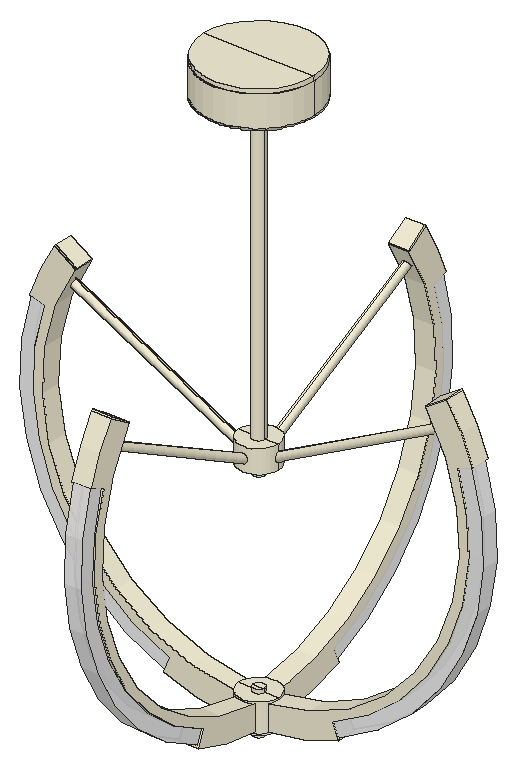
Revit family "3-6141 Utopia Pendant", category Lighting Fixtures, host Ceiling, Revit 2018
Family settings
  Host = Ceiling
  Round Connector Dimension = Use Diameter
  Part Type = Normal
  OmniClass Number = 23.80.70.11
  OmniClass Title = Luminaries for Internal Lighting
  Always vertical = Yes
  Cut with Voids When Loaded = No
  Light Source = Yes
  Shared = No
  Room Calculation Point = No
Parameters (values of type "3-6141-24 / Satin Nickel - Matte White Acrylic")
  Wattage Comments = "4 x 13.5 W at 120 V"  # constant formula
  Wattage = 63.05 W
  built-in parameter 1150110 = 1 (stored number, unit not read)
  Voltage Input = "120 V or 277 V - 50/60 Hz"  # constant formula
  Voltage = 120 V
  URL = "www.oxygenlighting.com"
  built-in parameter 1114217 = 1 (stored number, unit not read)
  Tilt Angle = 90.00°  # constant formula
  built-in parameter 1150109 = 1 (stored number, unit not read)
  built-in parameter 1150134 = (empty or 0)
  built-in parameter 1150113 = 1 (stored number, unit not read)
  References = "Ref. 3 = 120 V / Ref. 37 = 277 V"  # constant formula
  Photometric Web File = "3-6141-24 Utopia Pendant.ies"
  Model = "3-6141-xx / Utopia Pendant"  # constant formula
  Metal Finish = 24 - Satin Nickel
  Manufacturer = "Oxygen - Lighting & Fans"  # constant formula
  Lumens = 2402.21 lm
  built-in parameter 1150115 = 1 (stored number, unit not read)
  built-in parameter 1150105 = 191.16 (stored number, unit not read)
  built-in parameter 1150137 = (empty or 0)
  built-in parameter 1150139 = (empty or 0)
  built-in parameter 1150112 = 1 (stored number, unit not read)
  built-in parameter 1150114 = 1 (stored number, unit not read)
  Lamp = "LED Array"  # constant formula
  built-in parameter 1150132 = (empty or 0)
  built-in parameter 1150102 = (empty or 0)
  built-in parameter 1150138 = (empty or 0)
  built-in parameter 1150107 = 3000 (stored number, unit not read)
  built-in parameter 1150106 = 1.9116 (stored number, unit not read)
  built-in parameter 1150104 = 3.5396 (stored number, unit not read)
  Dimming Lamp Color Temperature Shift = <None>
  Diffusers = Matte White Acrylic
  Color Filter = 16777215
  built-in parameter 1114218 = 1 (stored number, unit not read)
  built-in parameter 1150133 = 10 (stored number, unit not read)
Types (3): name | Metal Finish
  (no name) | 24 - Satin Nickel
  3-6141-24 / Satin Nickel - Matte White Acrylic | 24 - Satin Nickel
  3-6141-15 / Black - Matte White Acrylic | 15 - Black
Reference planes (in)
  plane 1 "Light Source Axis (F/B)": y = 0
  plane 2 "Ceiling": z = 96
  plane 3 "Light Source Axis (L/R)": x = 0
  plane 4 "Light Source Elevation": z = 64.1
  plane 5: z = 93.79528
  plane 6: z = 93.59843
Forms (in)
  Extrusion 1, solid, material "24 - Satin Nickel" <- "Metal Finish"
    sketch origin (0, 0, 0) x (1, 0, 0) y (0, 1, 0)
      loop
        line (0, 0.62961) -> (-0.05867, 0.59573) -> (-0.12283, 0.61751) -> (-0.17377, 0.57284) -> (-0.24094, 0.58168) -> (-0.28218, 0.52793) -> (-0.34979, 0.5235) -> (-0.37976, 0.46273) -> (-0.4452, 0.4452) -> (-0.46273, 0.37976) -> (-0.5235, 0.34979) -> (-0.52793, 0.28218) -> (-0.58168, 0.24094) -> (-0.57284, 0.17377) -> (-0.61751, 0.12283) -> (-0.59573, 0.05867) -> (-0.62961, 0) -> (-0.59573, -0.05867) -> (-0.61751, -0.12283) -> (-0.57284, -0.17377) -> (-0.58168, -0.24094) -> (-0.52793, -0.28218) -> (-0.5235, -0.34979) -> (-0.46273, -0.37976) -> (-0.4452, -0.4452) -> (-0.37976, -0.46273) -> (-0.34979, -0.5235) -> (-0.28218, -0.52793) -> (-0.24094, -0.58168) -> (-0.17377, -0.57284) -> (-0.12283, -0.61751) -> (-0.05867, -0.59573) -> (0, -0.62961) -> (0.05867, -0.59573) -> (0.12283, -0.61751) -> (0.17377, -0.57284) -> (0.24094, -0.58168) -> (0.28218, -0.52793) -> (0.34979, -0.5235) -> (0.37976, -0.46273) -> (0.4452, -0.4452) -> (0.46273, -0.37976) -> (0.5235, -0.34979) -> (0.52793, -0.28218) -> (0.58168, -0.24094) -> (0.57284, -0.17377) -> (0.61751, -0.12283) -> (0.59573, -0.05867) -> (0.62961, 0) -> (0.59573, 0.05867) -> (0.61751, 0.12283) -> (0.57284, 0.17377) -> (0.58168, 0.24094) -> (0.52793, 0.28218) -> (0.5235, 0.34979) -> (0.46273, 0.37976) -> (0.4452, 0.4452) -> (0.37976, 0.46273) -> (0.34979, 0.5235) -> (0.28218, 0.52793) -> (0.24094, 0.58168) -> (0.17377, 0.57284) -> (0.12283, 0.61751) -> (0.05867, 0.59573) -> (0, 0.62961)
    from 93.59843 to 93.79528
  Revolve 2, solid, material "24 - Satin Nickel" <- "Metal Finish"
    sketch origin (0, 0, 0) x (1, 0, 0) y (0, 0, 1)
      loop
        line (3.2874, 96) -> (0, 96) -> (0, 93.79528) -> (3.22835, 93.79528)
        arc (3.22835, 93.79528) -> (3.31186, 93.82987) -> (3.34646, 93.91339) r 0.11811
        line (3.34646, 93.91339) -> (3.34646, 95.76378) -> (3.2874, 95.76378) -> (3.2874, 96)
      loop
        line (0.47244, 93.55906) -> (0.47244, 93.59843) -> (0, 93.59843) -> (0, 75.50983) -> (0.37402, 75.50983) -> (0.37402, 92.73976) -> (0.34053, 92.73976) -> (0.34053, 92.77165) -> (0.37402, 92.77165) -> (0.37402, 92.85039) -> (0.31496, 92.85039) -> (0.31496, 92.92913) -> (0.20669, 92.92913) -> (0.20669, 92.98819)
        arc (0.20669, 92.98819) -> (0.25783, 93.03293) -> (0.29948, 93.08661) r 0.35433
        line (0.29948, 93.08661) -> (0.43307, 93.08661) -> (0.43307, 93.51969) -> (0.47244, 93.55906)
      axis (0, 96) -> (0, 75.50983)
    angle from 0 to 360
  Revolve 3, solid, material "24 - Satin Nickel" <- "Metal Finish"
    sketch origin (0, 0, 0) x (1, 0, 0) y (0, 0, 1)
      loop
        line (0, 75.50983) -> (0, 73.54133) -> (0.33465, 73.54133) -> (0.33465, 74.13188) -> (1.1811, 74.13188) -> (1.1811, 75.50983) -> (0, 75.50983)
      axis (0, 75.50983) -> (0, 73.54133)
    angle from 0 to 360
  Revolve 4, solid, material "24 - Satin Nickel" <- "Metal Finish"
    sketch origin (0, 0, 0) x (1, 0, 0) y (0, 0, 1)
      loop
        line (0, 59.5474) -> (0.33465, 59.5474) -> (0.33465, 60.13795) -> (1.1811, 60.13795) -> (1.1811, 60.21669) -> (0, 60.21669) -> (0, 59.5474)
      axis (0, 60.21669) -> (0, 59.5474)
    angle from 0 to 360
  Revolve 5, solid, material "24 - Satin Nickel" <- "Metal Finish"
    sketch origin (0, 0, 0) x (1, 0, 0) y (0, 0, 1)
      loop
        line (0, 60.21669) -> (1.1811, 60.21669) -> (1.1811, 61.9096) -> (0.33465, 61.9096) -> (0.33465, 62.09804) -> (0, 62.09804) -> (0, 60.21669)
      axis (0, 62.09804) -> (0, 60.21669)
    angle from 0 to 360
  Revolve 6, solid, material "24 - Satin Nickel" <- "Metal Finish"
    sketch origin (0, 0, 0) x (1, 0, 0) y (0, 0, 1)
      loop
        line (-0.89071, 74.97738) -> (-11.03034, 80.14378) -> (-11.13758, 79.9333) -> (-0.99796, 74.76691) -> (-0.89071, 74.97738)
      axis (-0.99796, 74.76691) -> (-11.13758, 79.9333)
    angle from 0 to 360
  Revolve 7, solid, material "24 - Satin Nickel" <- "Metal Finish"
    sketch origin (0, 0, 0) x (-1, 0, 0) y (0, 0, 1)
      loop
        line (-0.89071, 74.97738) -> (-11.03034, 80.14378) -> (-11.13758, 79.9333) -> (-0.99796, 74.76691) -> (-0.89071, 74.97738)
      axis (-0.99796, 74.76691) -> (-11.13758, 79.9333)
    angle from 0 to 360
  Revolve 8, solid, material "24 - Satin Nickel" <- "Metal Finish"
    sketch origin (0, 0, 0) x (0, 1, 0) y (0, 0, 1)
      loop
        line (-0.89071, 74.97738) -> (-11.03034, 80.14378) -> (-11.13758, 79.9333) -> (-0.99796, 74.76691) -> (-0.89071, 74.97738)
      axis (-0.99796, 74.76691) -> (-11.13758, 79.9333)
    angle from 0 to 360
  Revolve 9, solid, material "24 - Satin Nickel" <- "Metal Finish"
    sketch origin (0, 0, 0) x (0, -1, 0) y (0, 0, -1)
      loop
        line (-0.89071, -74.97738) -> (-0.99796, -74.76691) -> (-11.13758, -79.9333) -> (-11.03034, -80.14378) -> (-0.89071, -74.97738)
      axis (-0.99796, -74.76691) -> (-11.13758, -79.9333)
    angle from 0 to 360
Cuts and joins
  joined: Revolve 3, Revolve 6, Revolve 7, Revolve 8, Revolve 9
Dimensions and locks (in)
  equal spacing: host sketch curve, plane 3 "Light Source Axis (L/R)", host sketch curve
  equal spacing: host sketch curve, plane 1 "Light Source Axis (F/B)", host sketch curve
  host sketch curve to host sketch curve = 120.00"  (x2)
  locked: plane 2 "Ceiling" to plane 4 "Light Source Elevation" at 31.9
  locked: plane 5 to plane 6 at 0.19685
  locked: plane 2 "Ceiling" to plane 5 at 2.20472
  locked: Revolve 2 sketch curve to Revolve 2 sketch curve at 3.34646
  aligned and locked: plane 3 "Light Source Axis (L/R)" to imposter light
  aligned and locked: plane 1 "Light Source Axis (F/B)" to imposter light
  aligned and locked: plane 4 "Light Source Elevation" to imposter light
  aligned and locked: Extrusion 1 to plane 5
  aligned and locked: plane 6 to Extrusion 1
  aligned and locked: Revolve 2 sketch curve to plane 3 "Light Source Axis (L/R)"
  aligned and locked: Revolve 2 sketch curve to plane 5
  aligned and locked: Revolve 3 sketch curve to plane 3 "Light Source Axis (L/R)"
  aligned and locked: Revolve 4 sketch curve to imposter light
  aligned and locked: Revolve 5 sketch curve to imposter light
Nested families (in)
  nested 1: "Diffuser" at (0, 0, 81.9162), type "Diffuser"
  nested 2: "Diffuser" at (0, 0, 81.9162) x (0, 1, 0) z (0, 0, 1), type "Diffuser"
Connectors (in)
  electrical at (0, 0, 96), driven by "Voltage"
    settings: on Revolve 2, index 1, voltage 120 V, apparent load 0 VA, apparent load phase1 0 VA, apparent load phase2 0 VA, apparent load phase3 0 VA, power factor 1, load classification "Other", number of poles 1, system type 31, power factor state 1, is connector primary yes, connector utility no, sub classification motor no, connector description ""
Definition of nested family "Diffuser"
  Parameters (values of type "Diffuser")
    Metal Finish = none
    Diffuser = none
  Reference planes (in)
    plane 1 "Center (Front/Back)": y = 0
    plane 2: z = 0
    plane 3 "Center (Left/Right)": x = 0
  Forms (in)
    Extrusion 1, solid, material <- "Metal Finish"
      sketch origin (0, 0, 0) x (-1, 0, 0) y (0, 0, -1)
        loop
          line (-1.02286, 20.11585) -> (-1.02286, 21.61641)
          arc (-1.02286, 21.61641) -> (-3.17061, 21.28998) -> (-5.24197, 20.63512) r 13.99606
          line (-5.24197, 20.63512) -> (-4.88808, 19.75901)
          arc (-4.88808, 19.75901) -> (-11.85514, 13.11571) -> (-12.37216, 3.5029) r 13.05118
          line (-12.37216, 3.5029) -> (-13.26788, 3.2021)
          arc (-13.26788, 3.2021) -> (-12.61094, 1.58702) -> (-11.75827, 0.06615) r 13.99606
          line (-11.75827, 0.06615) -> (-10.50141, 0.87763)
          arc (-10.50141, 0.87763) -> (-11.21292, 13.18231) -> (-1.02286, 20.11585) r 12.5
      from 0.59 to -0.59
    Extrusion 2, solid, material <- "Metal Finish"
      sketch origin (0, 0, 0) x (-1, 0, 0) y (0, 0, -1)
        loop
          line (-11.75827, 0.06615) -> (-11.71556, 0) -> (-10.4587, 0.81148) -> (-10.50141, 0.87763) -> (-11.75827, 0.06615)
      from 0.59 to -0.59
    Extrusion 3, solid, material <- "Diffuser"
      sketch origin (0, 0, 0) x (-1, 0, 0) y (0, 0, -1)
        loop
          arc (-5.21248, 20.56211) -> (-12.6419, 13.47793) -> (-13.19324, 3.22717) r 13.91732
          line (-13.19324, 3.22717) -> (-12.37216, 3.5029)
          arc (-12.37216, 3.5029) -> (-11.85514, 13.11571) -> (-4.88808, 19.75901) r 13.05118
          line (-4.88808, 19.75901) -> (-5.21248, 20.56211)
      from 0.51 to -0.51
    Extrusion 4, solid, material <- "Metal Finish"
      sketch origin (0, 0, 0) x (1, 0, 0) y (0, 0, 1)
        loop
          arc (-1.02286, -20.11585) -> (-11.21292, -13.18231) -> (-10.50141, -0.87763) r 12.5
          line (-10.50141, -0.87763) -> (-11.75827, -0.06615)
          arc (-11.75827, -0.06615) -> (-12.61094, -1.58702) -> (-13.26788, -3.2021) r 13.99606
          line (-13.26788, -3.2021) -> (-12.37216, -3.5029)
          arc (-12.37216, -3.5029) -> (-11.85514, -13.11571) -> (-4.88808, -19.75901) r 13.05118
          line (-4.88808, -19.75901) -> (-5.24197, -20.63512)
          arc (-5.24197, -20.63512) -> (-3.17061, -21.28998) -> (-1.02286, -21.61641) r 13.99606
          line (-1.02286, -21.61641) -> (-1.02286, -20.11585)
      from 0.59 to -0.59
    Extrusion 5, solid, material <- "Metal Finish"
      sketch origin (0, 0, 0) x (1, 0, 0) y (0, 0, 1)
        loop
          line (-11.75827, -0.06615) -> (-10.50141, -0.87763) -> (-10.4587, -0.81148) -> (-11.71556, 0) -> (-11.75827, -0.06615)
      from 0.59 to -0.59
    Extrusion 6, solid, material <- "Diffuser"
      sketch origin (0, 0, 0) x (1, 0, 0) y (0, 0, 1)
        loop
          line (-5.21248, -20.56211) -> (-4.88808, -19.75901)
          arc (-4.88808, -19.75901) -> (-11.85514, -13.11571) -> (-12.37216, -3.5029) r 13.05118
          line (-12.37216, -3.5029) -> (-13.19324, -3.22717)
          arc (-13.19324, -3.22717) -> (-12.6419, -13.47793) -> (-5.21248, -20.56211) r 13.91732
      from 0.51 to -0.51
  Dimensions and locks (in)
    aligned and locked: plane 2 to level
